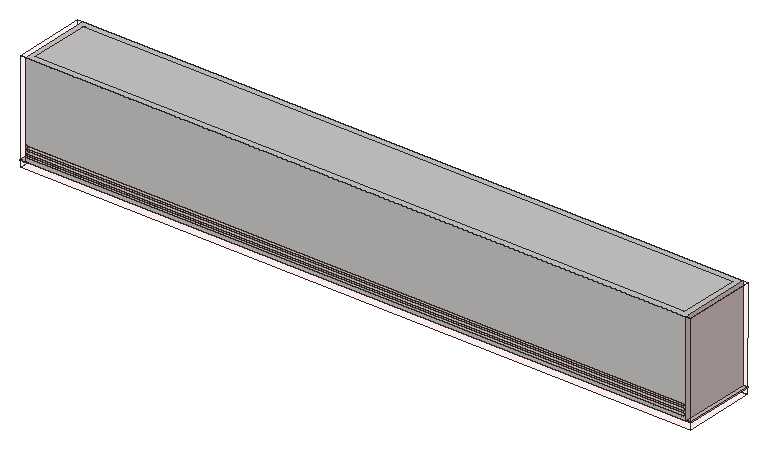
Revit family "Air-Curtain_Specialty_PoweredAire_HDX-Hazardous", category Mechanical Equipment, host Face, Revit 2024
Family settings
  Host = Face
  Round Connector Dimension = Use Diameter
  Part Type = Normal
  OmniClass Number = 23.75.35.17.21
  OmniClass Title = Air Curtains
  Cut with Voids When Loaded = No
  Maintain Annotation Orientation = No
  Shared = No
  Room Calculation Point = No
Parameters (values of type "192'' Nozzle")
  Warranty Duration (Years) = 0
  Unit Width Notes = "Other Widths available."  # constant formula
  Unit Width = 16' - 3 1/4"
  Unit Weight = 1170
  Unit Height = 1' - 9"
  Unit Depth = 2' - 3 1/4"
  URL = "http://www.poweredaire.com/"
  Test Data = ""
  Standards Conformance = "Class I C and D  ;  Class II F and G  ;  Made in USA"
  Specification = "http://www.arcat.com/sdspecs/htm04/23_34_33pai.htm"
  SpecWizard = ""
  Sound Pressure = ">69 dBA"
  Sales Information = "http://www.poweredaire.com/contact_us"
  Revision = "R1_2016-08"
  Projection from Host [instance] = 0' - 2"
  Product Properties = ""
  Product Data = "http://www.arcat.com/arcatcos/cos47/arc47623.html"
  Power Rating = 0 W
  Nozzle Width = if(1 = 1, Unit Width - 0' 3", 0' 0")  # 16' - 0 1/4"
  Mounting Width = if(1 = 1, Unit Width - 0' 1 1/2", 0' 0")  # 16' - 1 3/4"
  Mounting Height [instance] = 3' - 6"
  Motor RPM = 1160
  Motor HP = 3
  Motor Count = 3
  Model = "HDX-3-192"
  Max Height = 17' - 0"
  Manufacturer Website = "http://www.poweredaire.com/"
  Manufacturer Phone - Toll Free = "888-321-2473"
  Manufacturer Phone = "724-588-3305"
  Manufacturer Fax = "724-588-3371"
  Manufacturer Address = "109 Mortensen Rd.  Greenville, PA 16125"
  Manufacturer = "Powered Aire, Inc"
  Maintenance Schedule (Months) = 0
  Keynote = "23 34 33"
  Installation-Fabrication = ""
  Installation Phase = ""
  Include Clearance [instance] = yes
  Heating Element Load = 0 W
  HVAC_Temperature Rise = 0 °F
  HVAC_Outlet Volume = 15700 CFM
  HVAC_Outlet Velocity Uniformity = 0.863
  HVAC_Outlet Velocity = 6200 FPM
  Green Building-LEED = "http://www.arcat.com/green/clients/leed_data_47623.html"
  Front Grating Material [instance] = Metal - Steel - PoweredAire - Stainless 304 Perforated
  Frame Finish [instance] = Metal - Steel - PoweredAire - Stainless 304
  Expected Lifespan (Years) = 0
  Electrical_Wattage [instance] = Power Rating + Heating Element Load  # 0 W
  Electrical_Voltage [instance] = 0 V
  Electrical_Phase [instance] = 1
  Electrical_Frequency [instance] = 0 Hz
  Electrical_Amperage [instance] = 0 A
  Drawn By = "Sumex Design, Inc. / Robert S. Weygant, CSI, CDT, SCIP"
  Description = "Powered Aire Unheated Hazardous Area Air Curtain - HDX-3-192 as Specified"
  Default Elevation = 0' - 0"  # constant formula
  Copyright = "©Arcat Inc."
  Construction Details = "http://www.arcat.com/details/powair/prod3336.html"
  Clearance_Top [instance] = 0' - 0"
  Clearance_Side B [instance] = 0' - 0"
  Clearance_Side A [instance] = 0' - 0"
  Clearance_Intake [instance] = 0' - 0"
  Clearance_Bottom [instance] = 0' - 0"
  Clearance Material [instance] = ARCAT Clearance
  Building Codes = ""
  Available Options [instance] = "as Specified"
  Assembly Code = "D3090400"
Types (7): name | Unit Width | Unit Weight | Sound Pressure | Nozzle Width | Mounting Width | Motor Count | Model | HVAC_Outlet Volume | HVAC_Outlet Velocity Uniformity | HVAC_Outlet Velocity | Description
  192'' Nozzle | 16' - 3 1/4" | 1170 | ">69 dBA" | 16' - 0 1/4" | 16' - 1 3/4" | 3 | "HDX-3-192" | 15700 CFM | 0.863 | 6200 FPM | "Powered Aire Unheated Hazardous Area Air Curtain - HDX-3-192 as Specified"
  180'' Nozzle | 15' - 3 1/4" | 1150 | ">69 dBA" | 15' - 0 1/4" | 15' - 1 3/4" | 3 | "HDX-3-180" | 15000 CFM | 0.863 | 6200 FPM | "Powered Aire Unheated Hazardous Area Air Curtain - HDX-3-180 as Specified"
  144'' Nozzle | 12' - 3 1/8" | 830 | ">69 dBA" | 12' - 0 1/8" | 12' - 1 5/8" | 2 | "HDX-2-144" | 11200 CFM | 0.863 | 5900 FPM | "Powered Aire Unheated Hazardous Area Air Curtain - HDX-2-144 as Specified"
  132'' Nozzle | 11' - 3 1/8" | 805 | ">69 dBA" | 11' - 0 1/8" | 11' - 1 5/8" | 2 | "HDX-2-132" | 10400 CFM | 0.863 | 5900 FPM | "Powered Aire Unheated Hazardous Area Air Curtain - HDX-2-132 as Specified"
  120'' Nozzle | 10' - 3 1/8" | 785 | ">69 dBA" | 10' - 0 1/8" | 10' - 1 5/8" | 2 | "HDX-2-120" | 9700 CFM | 0.92 | 5800 FPM | "Powered Aire Unheated Hazardous Area Air Curtain - HDX-2-120 as Specified"
  72'' Nozzle | 6' - 3" | 420 | "69 dBA" | 6' - 0" | 6' - 1 1/2" | 1 | "HDX-1-72" | 5600 CFM | 0.863 | 5900 FPM | "Powered Aire Unheated Hazardous Area Air Curtain - HDX-1-72 as Specified"
  60'' Nozzle | 5' - 3" | 400 | "69 dBA" | 5' - 0" | 5' - 1 1/2" | 1 | "HDX-1-60" | 4900 CFM | 0.92 | 5800 FPM | "Powered Aire Unheated Hazardous Area Air Curtain - HDX-1-60 as Specified"
Reference planes (in)
  plane 1 "Center (Elevation)": y = 10.63818
  plane 2: z = 0
  plane 3 "Center (Left/Right)": x = 0
  plane 4: y = 21.13818
  plane 5 "BoC": y = 0.13818
  plane 6: x = -97.625
  plane 7: x = 97.625
  plane 8: z = 29.25
  plane 9 "FF": y = -41.86182
  plane 10: z = 2
  plane 11: x = 96.125
  plane 12: x = -96.125
  plane 13: y = 21.13818
  plane 14: y = 0.13818
  plane 15: x = -97.625
  plane 16: x = 97.625
  plane 17: z = 29.25
  plane 18: y = 0.13818
  plane 19: x = 96.0625
  plane 20: x = -96.0625
Forms (in)
  Extrusion 1, solid, material "ARCAT Clearance" <- "Clearance Material", visible <- "Include Clearance"
    sketch origin (0, 0, 0) x (0, 1, 0) y (0, 0, 1)
      loop
        line (0.13818, 29.25) -> (0.13818, 0) -> (21.13818, 0) -> (21.13818, 29.25) -> (0.13818, 29.25)
    from -97.625 to 97.625
  Extrusion 2, solid, material "Metal - Steel - PoweredAire - Stainless 304" <- "Frame Finish"
    sketch origin (0, 10.63818, 0) x (1, 0, 0) y (0, 0, 1)
      loop
        line (96.125, 29.25) -> (-96.125, 29.25) -> (-96.125, 2) -> (96.125, 2) -> (96.125, 29.25)
    from -10.5 to 10.5
  Extrusion 3, void
    sketch origin (0, 0, 0) x (0, 1, 0) y (0, 0, 1)
      loop
        line (0.13818, 4) -> (0.13818, 3) -> (1.63818, 3) -> (1.63818, 6.5) -> (0.13818, 6.5) -> (0.13818, 5.5) -> (1.38818, 5.5) -> (1.38818, 5.25) -> (0.13818, 5.25) -> (0.13818, 4.25) -> (1.38818, 4.25) -> (1.38818, 4) -> (0.13818, 4)
    from -96.0625 to 96.0625
  Extrusion 4, solid, material "Metal - Steel - PoweredAire - Stainless 304" <- "Frame Finish"
    sketch origin (-15.17702, -180, 2) x (-1, 0, 0) y (0, -1, 0)
      loop
        line (-111.30202, -201.13818) -> (-111.30202, -180.13818) -> (-112.80202, -180.13818) -> (-112.80202, -201.13818) -> (-111.30202, -201.13818)
      loop
        line (80.94798, -201.13818) -> (82.44798, -201.13818) -> (82.44798, -180.13818) -> (80.94798, -180.13818) -> (80.94798, -201.13818)
    from 0 to 0.125
  Extrusion 5, solid, material "Metal - Steel - PoweredAire - Stainless 304 Perforated" <- "Front Grating Material"
    sketch origin (96.125, 10.63818, 29.25) x (-1, 0, 0) y (0, -1, 0)
      loop
        line (1.5, -9) -> (190.75, -9) -> (190.75, 9) -> (1.5, 9) -> (1.5, -9)
    from 0 to 0.03125
Cuts and joins
  Extrusion 3 cuts Extrusion 2
Dimensions and locks (in)
  equal spacing: plane 4, plane 1 "Center (Elevation)", plane 5 "BoC"
  "Unit Height": plane 4 to plane 5 "BoC"
  equal spacing: plane 6, plane 3 "Center (Left/Right)", plane 7
  "Unit Width": plane 6 to plane 7
  "Mounting Height": plane 5 "BoC" to plane 9 "FF"
  "Projection from Host": plane 10 to level
  "Unit Depth": plane 8 to plane 10
  locked: plane 6 to plane 12 at 1.5
  locked: plane 11 to plane 7 at 1.5
  "Clearance_Side A": plane 7 to plane 16
  "Clearance_Side B": plane 15 to plane 6
  "Clearance_Top": plane 13 to plane 4
  "Clearance_Bottom": plane 5 "BoC" to plane 14
  "Clearance_Intake": plane 17 to plane 8
  locked: plane 7 to Extrusion 2 sketch curve at 1.5
  locked: Extrusion 2 sketch curve to plane 6 at 1.5
  locked: plane 18 to plane 5 "BoC" at 0
  locked: plane 12 to Extrusion 5 sketch curve at 1.5
  locked: Extrusion 5 sketch curve to plane 11 at 1.5
  locked: Extrusion 5 sketch curve to plane 5 "BoC" at 1.5
  locked: plane 20 to plane 12 at 0.0625
  locked: plane 11 to plane 19 at 0.0625
  Extrusion 3 sketch curve to Extrusion 3 sketch curve to Extrusion 3 sketch curve to Extrusion 3 sketch curve to Extrusion 3 sketch curve to Extrusion 3 sketch curve to plane 10 = 0' - 1" locked, 0' - 0 1/4" locked, 0' - 1" locked, 0' - 0 1/4" locked, 0' - 1" locked, 0' - 1" locked
  locked: plane 4 to Extrusion 5 sketch curve at 1.5
  aligned and locked: plane 2 to host face
  aligned and locked: level to host face
  aligned and locked: Extrusion 1 sketch curve to plane 17
  aligned and locked: plane 14 to Extrusion 1 sketch curve
  aligned and locked: level to Extrusion 1 sketch curve
  aligned and locked: Extrusion 1 sketch curve to plane 13
  aligned and locked: plane 16 to Extrusion 1
  aligned and locked: Extrusion 1 to plane 15
  aligned and locked: Extrusion 2 to plane 4
  aligned and locked: Extrusion 2 to plane 18
  aligned and locked: Extrusion 4 sketch curve to plane 4  (x2)
  aligned and locked: Extrusion 2 sketch curve to plane 10
  aligned and locked: Extrusion 3 to plane 20
  aligned and locked: plane 19 to Extrusion 3
  aligned and locked: Extrusion 2 sketch curve to plane 8
  aligned and locked: plane 18 to Extrusion 4 sketch curve  (x2)
Automatic sketch dimensions
  host sketch curve to host sketch curve = 8' - 0"  (x2)
  Extrusion 4 sketch curve to plane 7 = 0' - 0"
  Extrusion 4 sketch curve to plane 11 = 0' - 0"
  Extrusion 4 sketch curve to plane 12 = 0' - 0"
  Extrusion 4 sketch curve to plane 6 = 0' - 0"
  Extrusion 3 sketch curve to plane 5 "BoC" = 0' - 0"  (x3)
  plane 18 to Extrusion 3 sketch curve = 0' - 1 1/4"
  Extrusion 3 sketch curve to Extrusion 3 sketch curve = 0' - 0"
  Extrusion 3 sketch curve to Extrusion 3 sketch curve = 0' - 0 1/4"
Connectors (in)
  electrical at (-96.125, 10.63818, 15.625), driven by "Electrical_Voltage", driven by "Electrical_Phase"
    settings: on cut or joined group of Extrusion 2, Extrusion 3, index 1, voltage 0 V, apparent load 0 VA, apparent load phase1 0 VA, apparent load phase2 0 VA, apparent load phase3 0 VA, power factor 1, load classification "Other", number of poles 1, system type 31, power factor state 1, is connector primary yes, connector utility no, sub classification motor no, connector description ""
